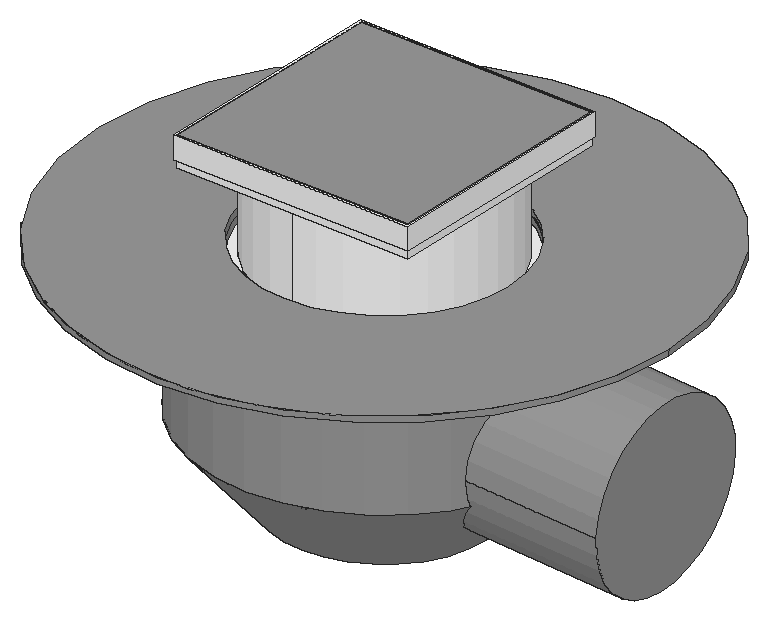
Revit family "HL_RU_Roof drain_HL64BF-B-221103", category Sanitärinstallationen, Revit 2020
Family settings
  Bemaßung runder Anschluss = Durchmesser verwenden
  Teiletyp = Normal
  OmniClass-Nummer = 23.70.50.21.24.14
  OmniClass-Titel = Deck Waste Water Drains
  Arbeitsebenenbasiert = Nein
  Immer vertikal = Ja
  Beim Laden mit Abzugskörper schneiden = Nein
  Gemeinsam genutzt = Nein
  Raumberechnungspunkt = Ja
Parameters (values of type "HL_Кровельная воронка_HL64BF_1")
  РЕШЁТКА = "Edelstahl 137x137mm"
  РАЗМЕР = "DN110"
  ПРОПУСКНАЯ СПОСОБНОСТЬ [instance] = 0.0 L/s
  ПРОИЗВОДИТЕЛЬНОСТЬ = "3,7 l/s"
  ПРАВОВАЯ ИНФОРМАЦИЯ = "Авторские права(©), права на дизайн или какие либо другие права интелектуальной собственности являются исключительной собственностью компании HL Hutterer & Lechner. Изменению не подлежит. Файл семейства с данными о прозводителе изделия защищен паролем с водяным знаком."
  НОМИНАЛЬНЫЙ ДИАМЕТР = 110 mm
  НАСАДКА = "19-65mm/148x148mm"
  МАТЕРИАЛ = "PP"
  МАКСИМАЛЬНАЯ НАГРУЗКА КЛАССА = "K - 300 kg"
  ВЕС = "1,08 [kg]"
  Vorgabe-Ansicht = 0 mm
  Hersteller = "HL Hutterer & Lechner GmbH"  # constant formula
  URL = "http://www.hutterer-lechner.com/ru/products/catalog/roof-drains/HL64BF/1.aspx"
  Материал плитка [instance] = none
  Lüftungsverbindung = no
  Abwasserrohrverbindung = yes
  HW-Verbindung = no
  KW-Verbindung = no
  Beschreibung = "Кровельные воронки"
  Model = "HL64BF_1"
  Assembly Code = " "
  Typenkommentare = "HL64BF/1 Кровельная воронка DN110 для эксплуатируемой кровли, горизонтальный выпуск, с ПП_фланцем.,"
  Keynote = "HL64BF_1"
  Bысота монтажа [instance] = 65 mm  # constant formula
  G [instance] = 90.00°  # constant formula
  EAN = "9003076031627"
  D [instance] = if(НОМИНАЛЬНЫЙ ДИАМЕТР = 75 mm, 162.8 mm, 178 mm)  # 178 mm
  C [instance] = if(Bысота монтажа - 68 mm < 0 mm, 0 mm, Bысота монтажа - 68 mm)  # 0 mm
  B [instance] = Bысота монтажа + if(НОМИНАЛЬНЫЙ ДИАМЕТР = 75 mm, 101 mm, 84 mm)  # 149 mm
  A [instance] = if(B - 100 mm > 15 mm, B - 100 mm, 15 mm)  # 49 mm
Types (3, lengths in mm): name | РАЗМЕР | НОМИНАЛЬНЫЙ ДИАМЕТР | ВЕС | URL | Model | Typenkommentare | Keynote | EAN | D | B | A
  (no name) | "DN110" | 110 | "1,08 [kg]" | "http://www.hutterer-lechner.com/ru/products/catalog/roof-drains/HL64BF/1.aspx" | "HL64BF_1" | "HL64BF/1 Кровельная воронка DN110 для эксплуатируемой кровли, горизонтальный выпуск, с ПП_фланцем.," | "HL64BF_1" | "9003076031627" | 178 | 149 | 49
  HL_Кровельная воронка_HL64BF_1 | "DN110" | 110 | "1,08 [kg]" | "http://www.hutterer-lechner.com/ru/products/catalog/roof-drains/HL64BF/1.aspx" | "HL64BF_1" | "HL64BF/1 Кровельная воронка DN110 для эксплуатируемой кровли, горизонтальный выпуск, с ПП_фланцем.," | "HL64BF_1" | "9003076031627" | 178 | 149 | 49
  HL_Кровельная воронка_HL64BF_7 | "DN75" | 75 | "1,04 [kg]" | "http://www.hutterer-lechner.com/ru/products/catalog/roof-drains/HL64BF/7.aspx" | "HL64BF_7" | "HL64BF/7 Кровельная воронка DN75 для эксплуатируемой кровли, горизонтальный выпуск, с ПП_фланцем.," | "HL64BF_7" | "9003076031603" | 162.8 | 166 | 66
Reference planes
  plane 1 "Center (Front/Back)": y = 0
  plane 2: z = 0
  plane 3 "Center (Left/Right)": x = 0
  plane 4: z = -149
  plane 5: z = -65
Lines and regions (mm)
  model lines, style "InvisibleLines"
    curve 1: line (0, 0, 0) -> (0, 0, 20)
  model lines, style "PlumbingFixtures", detail levels coarse+medium
    curve 2: line (0, 0, -149) -> (0, 0, -100)
    curve 3: line (0, 0, -100) -> (-100, 0, 0)
    curve 4: line (0, 0, -100) -> (100, 0, 0)
    curve 6: line (0, 0, -149) -> (178, 0, -149)
  reference lines, not visible
    curve 5: line (0, 0, -149) -> (178, 0, -149)
  symbolic lines, style "PlumbingFixtures", detail levels coarse+medium
    curve 7: line (-75, 75, 0) -> (75, 75, 0)
    curve 8: line (-75, -75, 0) -> (-75, 75, 0)
    curve 9: line (75, -75, 0) -> (-75, -75, 0)
    curve 10: line (75, 75, 0) -> (75, -75, 0)
    curve 11: line (-75, 75, 0) -> (-145.711, 145.711, 0)
    curve 12: line (75, 75, 0) -> (145.711, 145.711, 0)
    curve 13: line (-75, -75, 0) -> (-145.711, -145.711, 0)
    curve 14: line (75, -75, 0) -> (145.711, -145.711, 0)
  symbolic lines, style "PlumbingFixtures", not visible, detail levels coarse+medium
    curve 15: line (-75, 75, 0) -> (75, 75, 0)
    curve 16: line (-75, -75, 0) -> (-75, 75, 0)
    curve 17: line (75, -75, 0) -> (-75, -75, 0)
    curve 18: line (75, 75, 0) -> (75, -75, 0)
    curve 19: line (-75, 75, 0) -> (-145.711, 145.711, 0)
    curve 20: line (75, 75, 0) -> (145.711, 145.711, 0)
    curve 21: line (-75, -75, 0) -> (-145.711, -145.711, 0)
    curve 22: line (75, -75, 0) -> (145.711, -145.711, 0)
Text (mm)
  text "FLOOR" at (-162.344, 0, -10.979), in view "Drain Construction View"
Dimensions and locks
  "B": plane 2 to plane 4
  "Bысота монтажа": plane 2 to plane 5
  "A": curve 4 to plane 4
  "D": curve 5 to curve 5
  "D": curve 6 to curve 6
  locked: curve 4 to plane 3 "Center (Left/Right)" (angle 45.00°)
  locked: plane 3 "Center (Left/Right)" to curve 3 (angle 45.00°)
  "G": angle curve 5 to plane 3 "Center (Left/Right)"
  aligned and locked: level to plane 2
  aligned and locked: plane 2 to curve 4
  aligned and locked: plane 2 to curve 3
  aligned and locked: plane 4 to curve 5
  aligned and locked: plane 3 "Center (Left/Right)" to curve 5
  aligned and locked: plane 4 to curve 2
  aligned and locked: plane 3 "Center (Left/Right)" to curve 6
  aligned and locked: plane 4 to curve 6
  aligned and locked: plane 2 to nested 1
  aligned and locked: plane 3 "Center (Left/Right)" to nested 1
  aligned and locked: nested 2 to plane 5
Automatic sketch dimensions
  curve 2 to plane 3 "Center (Left/Right)" = 0 mm
  curve 1 to plane 3 "Center (Left/Right)" = 0 mm
  curve 1 to level = 0 mm
  level to curve 1 = 20 mm
Nested families
  nested 1: "HL_Насадка_HL66.9S" at (0, 0, 0), Bысота монтажа <- "Bысота монтажа", type "HL_Grate frame_HL66.9S"
    with L 93 mm, IHmin 12 mm, IHmax 65 mm, Bысота монтажа 65 mm
  nested 2: "HL_кровельные воронки - корпус_HL64F" at (0, 0, -65), НОМИНАЛЬНЫЙ ДИАМЕТР <- "НОМИНАЛЬНЫЙ ДИАМЕТР", type "HL_кровельные воронки - корпус_HL64F"
    with НОМИНАЛЬНЫЙ ДИАМЕТР 110 mm, L 178 mm, B 84 mm, A 75 mm
Connectors
  piping at (178, 0, -149), diameter 110, driven by "ПРОПУСКНАЯ СПОСОБНОСТЬ", driven by "НОМИНАЛЬНЫЙ ДИАМЕТР"
    settings: on curve 5, index 1, connector inside diameter 609.6 mm, connector length 0 mm, flow factor 0, pipe flow 0.0 L/s, pressure drop 0.0 Pa, fitting loss kfactor 0, connector angle 0.00°, fixture units 0, engagement length 0 mm, angle of deflection 0.00°, flow configuration 1, flow direction 2, fitting loss method 0, system type 16, joint type 0, gender type 0, connector reference index -1, connector utility 0, adjustable connector yes, is connector primary yes, connector description ""
Definition of nested family "HL_Насадка_HL66.9S"
  Parameters (values of type "HL_Grate frame_HL66.9S")
    РЕШЁТКА = "Edelstahl 138x138mm"
    РАЗМЕР = "d 145 mm"
    ПРАВОВАЯ ИНФОРМАЦИЯ = "Авторские права(©), права на дизайн или какие либо другие права интелектуальной собственности являются исключительной собственностью компании HL Hutterer & Lechner. Изменению не подлежит. Файл семейства с данными о прозводителе изделия защищен паролем с водяным знаком."
    НАСАДКА = "147x147mm"
    МАТЕРИАЛ = "PP"
    МАКСИМАЛЬНАЯ НАГРУЗКА КЛАССА = "K - 300 kg"
    ВЫСОТА МОНТАЖА = "12-65mm"
    Материал плитка = none
    ВЕС = "0,345 [kg]"
    Default Elevation = 0 mm
    L [instance] = if(Bысота монтажа < IHmin, -100 mm, if(Bысота монтажа > IHmax, -100 mm, Bысота монтажа + 28 mm))  # 93 mm
    Manufacturer = "HL Hutterer & Lechner GmbH"
    URL = "http://www.hutterer-lechner.com/ru/products/catalog/roof-drains/HL66.9.aspx"
    Description = "Кровельные воронки"
    Model = "HL66.9"
    Type Comments = "HL66.9, Насадка d 145мм с бороздками/147х147мм/138х138мм"
    Keynote = "HL66.9"
    Bысота монтажа [instance] = 65 mm
    IHmin [instance] = 12 mm
    IHmax [instance] = 65 mm
    EAN = "9003076014606"
    Cost = 0
  Reference planes
    plane 1 "Střed (vpředu/vzadu)": y = 0
    plane 2: z = 0
    plane 3 "Střed (vlevo/vpravo)": x = 0
  Forms (mm)
    Revolve 1, solid, detail levels fine
      sketch origin (0, 0, 128) x (0, 1, 0) y (0, 0, 1)
        loop
          line (72.5, -142) -> (69.248, -142) -> (69.248, -221) -> (72.5, -221) -> (72.5, -142)
        axis (0, -142) -> (0, -221)
      angle from 0 to 360
    Extrusion 2, solid, detail levels fine
      sketch origin (-1.537, 0, -14.6) x (0, 1, 0) y (-1, 0, 0)
        loop
          line (74, 72.459) -> (-74, 72.459) -> (-74, -75.537) -> (74, -75.537) -> (74, 72.459)
        loop
          line (73, 71.463) -> (-73, 71.463) -> (-73, -74.537) -> (73, -74.537) -> (73, 71.463)
      from 0.6 to 14.6
    Extrusion 3, solid, detail levels fine
      sketch origin (-1.537, 0, -14) x (-1, 0, 0) y (0, 1, 0)
        loop
          line (71.463, 73) -> (-74.537, 73) -> (-74.537, -73) -> (71.463, -73) -> (71.463, 73)
        loop
          circle (-1.537, 0) r 72.5
      from 0 to 5
    Extrusion 4, solid, detail levels fine
      sketch origin (-1.537, 0, -14) x (-1, 0, 0) y (0, -1, 0)
        loop
          line (70.95, -72.397) -> (70.95, 72.463) -> (-74.05, 72.463) -> (-74.05, -72.397) -> (70.95, -72.397)
      from 0 to 14
    Revolve 5, solid, detail levels fine
      sketch origin (0, 75.989, -93) x (0, -1, 0) y (0, 0, -1)
        loop
          line (3.489, -20) -> (3.489, 0) -> (0.186, 0) -> (-2.325, -2.511) -> (-2.325, -20) -> (3.489, -20)
        axis (75.989, -20) -> (75.989, 0)
      angle from 0 to 360
  Lines and regions (mm)
    model lines, detail levels fine
      curve 1: line (36.25, 24.325, 0) -> (36.25, -24.42, 0)
      curve 2: line (43.75, -24.42, 0) -> (43.75, 24.325, 0)
      curve 3: line (52.25, 40.306, 0) -> (52.25, -40.355, 0)
      curve 4: line (59.75, -40.355, 0) -> (59.75, 40.306, 0)
      curve 5: line (20.25, 8.588, 0) -> (20.25, -8.684, 0)
      curve 6: line (27.75, -8.684, 0) -> (27.75, 8.588, 0)
      curve 7: arc (27.75, 8.588, 0) -> (24, 12.338, 0) -> (20.25, 8.588, 0) r 3.75
      curve 8: arc (20.25, -8.684, 0) -> (24, -12.434, 0) -> (27.75, -8.684, 0) r 3.75
      curve 9: arc (36.25, -24.42, 0) -> (40, -28.17, 0) -> (43.75, -24.42, 0) r 3.75
      curve 10: arc (43.75, 24.325, 0) -> (40, 28.075, 0) -> (36.25, 24.325, 0) r 3.75
      curve 11: arc (59.75, 40.306, 0) -> (56, 44.056, 0) -> (52.25, 40.306, 0) r 3.75
      curve 12: arc (52.25, -40.355, 0) -> (56, -44.105, 0) -> (59.75, -40.355, 0) r 3.75
      curve 13: line (-24.325, -36.25, 0) -> (24.42, -36.25, 0)
      curve 14: line (24.42, -43.75, 0) -> (-24.325, -43.75, 0)
      curve 15: line (-40.306, -52.25, 0) -> (40.355, -52.25, 0)
      curve 16: line (40.355, -59.75, 0) -> (-40.306, -59.75, 0)
      curve 17: line (-8.588, -20.25, 0) -> (8.684, -20.25, 0)
      curve 18: line (8.684, -27.75, 0) -> (-8.588, -27.75, 0)
      curve 19: arc (-8.588, -27.75, 0) -> (-12.338, -24, 0) -> (-8.588, -20.25, 0) r 3.75
      curve 20: arc (8.684, -20.25, 0) -> (12.434, -24, 0) -> (8.684, -27.75, 0) r 3.75
      curve 21: arc (24.42, -36.25, 0) -> (28.17, -40, 0) -> (24.42, -43.75, 0) r 3.75
      curve 22: arc (-24.325, -43.75, 0) -> (-28.075, -40, 0) -> (-24.325, -36.25, 0) r 3.75
      curve 23: arc (-40.306, -59.75, 0) -> (-44.056, -56, 0) -> (-40.306, -52.25, 0) r 3.75
      curve 24: arc (40.355, -52.25, 0) -> (44.105, -56, 0) -> (40.355, -59.75, 0) r 3.75
      curve 25: line (36.25, -24.42, 0) -> (36.25, 24.325, 0)
      curve 26: line (43.75, 24.325, 0) -> (43.75, -24.42, 0)
      curve 27: line (52.25, -40.355, 0) -> (52.25, 40.306, 0)
      curve 28: line (59.75, 40.306, 0) -> (59.75, -40.355, 0)
      curve 29: line (20.25, -8.684, 0) -> (20.25, 8.588, 0)
      curve 30: line (27.75, 8.588, 0) -> (27.75, -8.684, 0)
      curve 31: arc (27.75, -8.588, 0) -> (24, -12.338, 0) -> (20.25, -8.588, 0) r 3.75
      curve 32: arc (20.25, 8.684, 0) -> (24, 12.434, 0) -> (27.75, 8.684, 0) r 3.75
      curve 33: arc (36.25, 24.42, 0) -> (40, 28.17, 0) -> (43.75, 24.42, 0) r 3.75
      curve 34: arc (43.75, -24.325, 0) -> (40, -28.075, 0) -> (36.25, -24.325, 0) r 3.75
      curve 35: arc (59.75, -40.306, 0) -> (56, -44.056, 0) -> (52.25, -40.306, 0) r 3.75
      curve 36: arc (52.25, 40.355, 0) -> (56, 44.105, 0) -> (59.75, 40.355, 0) r 3.75
      curve 37: line (24.42, -36.25, 0) -> (-24.325, -36.25, 0)
      curve 38: line (-24.325, -43.75, 0) -> (24.42, -43.75, 0)
      curve 39: line (40.355, -52.25, 0) -> (-40.306, -52.25, 0)
      curve 40: line (-40.306, -59.75, 0) -> (40.355, -59.75, 0)
      curve 41: line (8.684, -20.25, 0) -> (-8.588, -20.25, 0)
      curve 42: line (-8.588, -27.75, 0) -> (8.684, -27.75, 0)
      curve 43: arc (8.588, -27.75, 0) -> (12.338, -24, 0) -> (8.588, -20.25, 0) r 3.75
      curve 44: arc (-8.684, -20.25, 0) -> (-12.434, -24, 0) -> (-8.684, -27.75, 0) r 3.75
      curve 45: arc (-24.42, -36.25, 0) -> (-28.17, -40, 0) -> (-24.42, -43.75, 0) r 3.75
      curve 46: arc (24.325, -43.75, 0) -> (28.075, -40, 0) -> (24.325, -36.25, 0) r 3.75
      curve 47: arc (40.306, -59.75, 0) -> (44.056, -56, 0) -> (40.306, -52.25, 0) r 3.75
      curve 48: arc (-40.355, -52.25, 0) -> (-44.105, -56, 0) -> (-40.355, -59.75, 0) r 3.75
      curve 49: line (-36.25, 24.325, 0) -> (-36.25, -24.325, 0)
      curve 50: line (-43.75, -24.325, 0) -> (-43.75, 24.325, 0)
      curve 51: line (-52.25, 40.306, 0) -> (-52.25, -40.306, 0)
      curve 52: line (-59.75, -40.306, 0) -> (-59.75, 40.306, 0)
      curve 53: line (-20.25, 8.588, 0) -> (-20.25, -8.588, 0)
      curve 54: line (-27.75, -8.684, 0) -> (-27.75, 8.588, 0)
      curve 55: arc (-27.75, 8.588, 0) -> (-24, 12.338, 0) -> (-20.25, 8.588, 0) r 3.75
      curve 56: arc (-20.25, -8.684, 0) -> (-24, -12.434, 0) -> (-27.75, -8.684, 0) r 3.75
      curve 57: arc (-43.75, 24.325, 0) -> (-40, 28.075, 0) -> (-36.25, 24.325, 0) r 3.75
      curve 58: arc (-59.75, 40.306, 0) -> (-56, 44.056, 0) -> (-52.25, 40.306, 0) r 3.75
      curve 59: line (-36.25, -24.325, 0) -> (-36.25, 24.325, 0)
      curve 60: line (-43.75, 24.325, 0) -> (-43.75, -24.325, 0)
      curve 61: line (-52.25, -40.306, 0) -> (-52.25, 40.306, 0)
      curve 62: line (-59.75, 40.306, 0) -> (-59.75, -40.306, 0)
      curve 63: line (-20.25, -8.588, 0) -> (-20.25, 8.588, 0)
      curve 64: line (-27.75, 8.588, 0) -> (-27.75, -8.684, 0)
      curve 65: arc (-27.75, -8.588, 0) -> (-24, -12.338, 0) -> (-20.25, -8.588, 0) r 3.75
      curve 66: arc (-20.25, 8.684, 0) -> (-24, 12.434, 0) -> (-27.75, 8.684, 0) r 3.75
      curve 67: arc (-36.25, 24.42, 0) -> (-40, 28.17, 0) -> (-43.75, 24.42, 0) r 3.75
      curve 68: arc (-43.75, -24.325, 0) -> (-40, -28.075, 0) -> (-36.25, -24.325, 0) r 3.75
      curve 69: arc (-59.75, -40.306, 0) -> (-56, -44.056, 0) -> (-52.25, -40.306, 0) r 3.75
      curve 70: arc (-52.25, 40.355, 0) -> (-56, 44.105, 0) -> (-59.75, 40.355, 0) r 3.75
      curve 71: line (-24.42, 36.25, 0) -> (24.325, 36.25, 0)
      curve 72: line (24.42, 43.75, 0) -> (-24.42, 43.75, 0)
      curve 73: line (-40.355, 52.25, 0) -> (40.306, 52.25, 0)
      curve 74: line (40.306, 59.75, 0) -> (-40.355, 59.75, 0)
      curve 75: line (-8.588, 20.25, 0) -> (8.588, 20.25, 0)
      curve 76: line (8.684, 27.75, 0) -> (-8.588, 27.75, 0)
      curve 77: arc (-8.588, 27.75, 0) -> (-12.338, 24, 0) -> (-8.588, 20.25, 0) r 3.75
      curve 78: arc (8.684, 20.25, 0) -> (12.434, 24, 0) -> (8.684, 27.75, 0) r 3.75
      curve 79: arc (24.42, 36.25, 0) -> (28.17, 40, 0) -> (24.42, 43.75, 0) r 3.75
      curve 80: line (24.325, 36.25, 0) -> (-24.42, 36.25, 0)
      curve 81: line (-24.42, 43.75, 0) -> (24.42, 43.75, 0)
      curve 82: line (40.306, 52.25, 0) -> (-40.355, 52.25, 0)
      curve 83: line (-40.355, 59.75, 0) -> (40.306, 59.75, 0)
      curve 84: line (8.588, 20.25, 0) -> (-8.588, 20.25, 0)
      curve 85: line (-8.588, 27.75, 0) -> (8.684, 27.75, 0)
      curve 86: arc (8.588, 27.75, 0) -> (12.338, 24, 0) -> (8.588, 20.25, 0) r 3.75
      curve 87: arc (-8.684, 20.25, 0) -> (-12.434, 24, 0) -> (-8.684, 27.75, 0) r 3.75
      curve 88: arc (-24.42, 36.25, 0) -> (-28.17, 40, 0) -> (-24.42, 43.75, 0) r 3.75
      curve 89: arc (24.325, 43.75, 0) -> (28.075, 40, 0) -> (24.325, 36.25, 0) r 3.75
      curve 90: arc (40.306, 59.75, 0) -> (44.056, 56, 0) -> (40.306, 52.25, 0) r 3.75
      curve 91: arc (-40.355, 52.25, 0) -> (-44.105, 56, 0) -> (-40.355, 59.75, 0) r 3.75
    reference lines
      curve 92: line (0, 75.989, -93) -> (0, -174.011, -93)
  Dimensions and locks
    Extrusion 2 sketch curve to Extrusion 2 sketch curve = 147.996 mm
    Extrusion 2 sketch curve to Extrusion 2 sketch curve = 148 mm
    "L": curve 92 to plane 2
    aligned and locked: level to plane 2
    aligned and locked: Revolve 1 to curve 92
  Automatic sketch dimensions
    plane 1 "Střed (vpředu/vzadu)" to Extrusion 2 sketch curve = 74 mm
    Extrusion 2 sketch curve to Extrusion 2 sketch curve = 1 mm  (x3)
    plane 3 "Střed (vlevo/vpravo)" to Extrusion 2 sketch curve = 74 mm
    Extrusion 2 sketch curve to Extrusion 2 sketch curve = 0.996 mm
    Extrusion 3 sketch curve to Extrusion 2 = 0 mm  (x4)
    Extrusion 3 sketch curve to Extrusion 2 = 73 mm  (x2)
    Extrusion 2 to curve 16 = 13.25 mm
    curve 24 to curve 47 = 3.75 mm
    curve 47 to curve 24 = 0 mm
    curve 48 to curve 23 = 0 mm  (x2)
    curve 23 to curve 38 = 8.5 mm
    curve 24 to curve 12 = 11.895 mm
    curve 12 to curve 35 = 0.048 mm
    curve 15 to curve 69 = 11.944 mm
    curve 22 to curve 45 = 3.75 mm
    curve 21 to curve 46 = 3.75 mm
    curve 46 to curve 21 = 0 mm
    curve 22 to curve 18 = 8.5 mm
    curve 21 to curve 9 = 11.83 mm
    curve 13 to curve 49 = 11.925 mm
    curve 9 to curve 34 = 0.095 mm
    curve 18 to curve 19 = 3.75 mm
    curve 44 to curve 19 = 0 mm  (x2)
    curve 43 to curve 20 = 0 mm
    curve 20 to curve 5 = 11.566 mm
    curve 49 to curve 64 = 15.642 mm
    curve 8 to curve 31 = 0.095 mm
    curve 56 to curve 53 = 0.095 mm
    curve 65 to curve 64 = 17.177 mm
    curve 31 to curve 29 = 17.177 mm
    curve 7 to curve 32 = 0.095 mm
    curve 55 to curve 66 = 0.095 mm
    curve 32 to curve 84 = 11.566 mm
    curve 86 to curve 78 = 3.75 mm
    curve 86 to curve 78 = 0 mm
    curve 77 to curve 87 = 3.75 mm
    curve 87 to curve 77 = 0 mm  (x2)
    curve 66 to curve 60 = 15.642 mm
    curve 32 to curve 26 = 15.642 mm
    curve 10 to curve 33 = 0.095 mm
    curve 57 to curve 67 = 0.095 mm
    curve 33 to curve 71 = 11.83 mm
    curve 89 to curve 89 = 3.75 mm
    curve 88 to curve 88 = 3.75 mm
    curve 89 to curve 79 = 0 mm
    curve 33 to curve 11 = 15.886 mm
    curve 67 to curve 51 = 15.886 mm
    curve 58 to curve 70 = 0.048 mm
    curve 11 to curve 36 = 0.048 mm
    curve 70 to curve 73 = 11.895 mm
    curve 90 to curve 90 = 3.75 mm
    Extrusion 2 to curve 28 = 13.25 mm
    curve 4 to curve 11 = 3.75 mm
    curve 35 to curve 12 = 0 mm
    curve 36 to curve 11 = 0 mm
    curve 3 to curve 2 = 8.5 mm
    curve 3 to curve 39 = 11.895 mm
    curve 11 to curve 83 = 11.944 mm
    curve 24 to curve 47 = 0.048 mm
    curve 26 to curve 9 = 3.75 mm
    curve 33 to curve 10 = 0 mm
    curve 34 to curve 9 = 0 mm
    curve 34 to curve 30 = 8.5 mm
    curve 90 to curve 72 = 15.886 mm
    curve 1 to curve 21 = 11.83 mm
    curve 79 to curve 80 = 0.095 mm
    curve 21 to curve 46 = 0.095 mm
    curve 6 to curve 32 = 3.75 mm
    curve 6 to curve 8 = 3.75 mm
    curve 31 to curve 8 = 0 mm
    curve 29 to curve 17 = 11.566 mm
    curve 7 to curve 78 = 11.566 mm
    curve 78 to curve 86 = 0.095 mm
    curve 20 to curve 43 = 0.095 mm
    curve 43 to curve 41 = 17.177 mm
    curve 86 to curve 77 = 17.177 mm
    curve 19 to curve 44 = 0.095 mm
    curve 77 to curve 87 = 0.095 mm
    curve 87 to curve 53 = 11.566 mm
    curve 53 to curve 66 = 3.75 mm
    curve 55 to curve 66 = 0 mm
    curve 56 to curve 54 = 3.75 mm
    curve 65 to curve 56 = 0 mm
    curve 44 to curve 14 = 15.642 mm
    curve 22 to curve 45 = 0.095 mm
    curve 87 to curve 72 = 15.736 mm
    curve 45 to curve 59 = 11.83 mm
    curve 57 to curve 67 = 3.75 mm
    curve 68 to curve 68 = 3.75 mm
    curve 45 to curve 15 = 15.886 mm
    curve 23 to curve 48 = 0.048 mm
    curve 72 to curve 74 = 15.935 mm
    curve 91 to curve 51 = 11.895 mm
    curve 51 to curve 70 = 3.75 mm
    curve 51 to curve 69 = 3.75 mm
    curve 45 to curve 22 = 0 mm
    curve 36 to curve 28 = 0 mm
    curve 33 to curve 2 = 0 mm
    curve 32 to curve 30 = 0 mm
    curve 66 to curve 55 = 0 mm
    curve 67 to curve 57 = 0 mm
    curve 70 to curve 51 = 0 mm
    Extrusion 4 sketch curve to Extrusion 3 = 0.487 mm
    Extrusion 4 sketch curve to Extrusion 3 = 0.513 mm
    Extrusion 4 sketch curve to Extrusion 3 = 0.603 mm
    Extrusion 4 sketch curve to Extrusion 3 = 0.537 mm
    Revolve 1 sketch curve to plane 1 "Střed (vpředu/vzadu)" = 0 mm
    Revolve 1 sketch curve to level = 14 mm
    Revolve 1 sketch curve to plane 1 "Střed (vpředu/vzadu)" = 69.248 mm
    Revolve 1 sketch curve to Revolve 1 sketch curve = 3.252 mm
    Revolve 1 sketch curve to Revolve 1 sketch curve = 79 mm
    Revolve 1 sketch curve to Revolve 1 sketch curve = 17.5 mm
    level to Revolve 1 sketch curve = 144.5 mm
    Revolve 5 sketch curve to curve 92 = 0 mm
    Revolve 5 sketch curve to curve 92 = 2.325 mm
    curve 92 to Revolve 5 sketch curve = 0.186 mm
    curve 92 to Revolve 5 sketch curve = 3.489 mm
    Revolve 5 sketch curve to curve 92 = 2.511 mm
    Revolve 5 sketch curve to curve 92 = 20 mm
    curve 92 to Revolve 5 sketch curve = 75.989 mm
    Revolve 5 sketch curve to curve 92 = 393 mm
    curve 92 to Revolve 5 sketch curve = 207 mm
    plane 1 "Střed (vpředu/vzadu)" to curve 92 = 174.011 mm
    curve 92 to plane 1 "Střed (vpředu/vzadu)" = 75.989 mm
    radius of Extrusion 3 sketch curve = 72.5 mm
Definition of nested family "HL_кровельные воронки - корпус_HL64F"
  Parameters (values of type "HL_кровельные воронки - корпус_HL64F")
    НОМИНАЛЬНЫЙ ДИАМЕТР [instance] = 110 mm
    Default Elevation = 0 mm
    Manufacturer = ""
    URL = ""
    Description = ""
    Model = ""
    L [instance] = if(НОМИНАЛЬНЫЙ ДИАМЕТР = 75 mm, 164 mm, 178 mm)  # 178 mm
    Type Comments = ""
    Cost = 0
    B [instance] = if(НОМИНАЛЬНЫЙ ДИАМЕТР = 75 mm, 101.3 mm, 84 mm)  # 84 mm
    A [instance] = if(НОМИНАЛЬНЫЙ ДИАМЕТР = 75 mm, 92.3 mm, 75 mm)  # 75 mm
  Reference planes
    plane 1 "Střed (vpředu/vzadu)": y = 0
    plane 2: z = 0
    plane 3 "Střed (vlevo/vpravo)": x = 0
  Forms (mm)
    Extrusion 1, solid, detail levels fine
      sketch origin (-0.006, -0.073, 0) x (1, 0, 0) y (0, 1, 0)
        loop
          circle (0, 0) r 180
        loop
          circle (0, 0) r 78.913
      from 0 to -3.5
    Extrusion 2, solid, detail levels fine
      sketch origin (-0.006, -0.073, -3.5) x (0, 1, 0) y (1, 0, 0)
        loop
          circle (0, 0) r 140
      from 0 to 18
    Extrusion 3, solid, detail levels fine
      sketch origin (-0.006, -0.073, -21.5) x (-1, 0, 0) y (0, 1, 0)
        loop
          circle (0, 0) r 110
      from 0 to 73.906
    Blend 4, solid, detail levels fine
      base sketch origin (-0.006, -0.073, -95.406) x (0, -1, 0) y (1, 0, 0)
        loop
          circle (0, 0) r 110
      top sketch origin (-0.006, -0.073, -95.406) x (0, -1, 0) y (1, 0, 0)
        loop
          circle (0, 0) r 65
      from 0 to -53
    Revolve 5, void
      sketch origin (-0.006, -0.073, 0) x (1, 0, 0) y (0, 0, 1)
        loop
          line (-78.913, 0) -> (-78.913, -16.281) -> (-74.694, -23.588) -> (-74.694, -24.914) -> (-75.511, -24.914) -> (-75.511, -30.304) -> (-64.679, -30.304) -> (-64.679, -32.804) -> (0, -32.804) -> (0, 0) -> (-78.913, 0)
        axis (0, 0) -> (0, -32.804)
      angle from 0 to 360
    Extrusion 6, solid, detail levels fine
      sketch origin (179.329, 0, -54.515) x (0, -1, 0) y (-0.050544, 0, -0.998722)
        loop
          circle (0, 29.523) r 55
      from -0.064 to -99.364
  Cuts and joins
    Revolve 5 cuts Extrusion 1
    Revolve 5 cuts Extrusion 2
    Revolve 5 cuts Extrusion 3
  Lines and regions (mm)
    reference lines
      curve 1: line (0, 0, -75) -> (177.837, 0, -84)
  Dimensions and locks
    "B": plane 2 to curve 1
    "A": plane 2 to curve 1
    "L": Extrusion 6 to curve 1
    "НОМИНАЛЬНЫЙ ДИАМЕТР": diameter of Extrusion 6 sketch curve
    aligned and locked: level to plane 2
    aligned and locked: plane 3 "Střed (vlevo/vpravo)" to curve 1
  Automatic sketch dimensions
    Extrusion 1 sketch curve to Extrusion 1 sketch curve = 0 mm  (x2)
    Extrusion 1 sketch curve to plane 3 "Střed (vlevo/vpravo)" = 0.006 mm
    plane 1 "Střed (vpředu/vzadu)" to Extrusion 1 sketch curve = 0.073 mm
    Revolve 5 sketch curve to level = 0 mm
    Revolve 5 sketch curve to plane 3 "Střed (vlevo/vpravo)" = 78.919 mm
    Revolve 5 sketch curve to Revolve 5 sketch curve = 3.401 mm
    Revolve 5 sketch curve to Revolve 5 sketch curve = 0.817 mm
    Revolve 5 sketch curve to Revolve 5 sketch curve = 10.833 mm
    Revolve 5 sketch curve to plane 3 "Střed (vlevo/vpravo)" = 0.006 mm  (x2)
    Revolve 5 sketch curve to level = 16.281 mm
    Revolve 5 sketch curve to Revolve 5 sketch curve = 7.307 mm
    Revolve 5 sketch curve to Revolve 5 sketch curve = 1.326 mm
    Revolve 5 sketch curve to Revolve 5 sketch curve = 5.39 mm
    Revolve 5 sketch curve to level = 32.804 mm
    level to Revolve 5 sketch curve = 25 mm
    Revolve 5 sketch curve to Revolve 5 sketch curve = 50 mm
    plane 3 "Střed (vlevo/vpravo)" to curve 1 = 177.837 mm
    Extrusion 6 sketch curve to plane 1 "Střed (vpředu/vzadu)" = 0 mm
    radius of Extrusion 1 sketch curve = 180 mm
    radius of Extrusion 1 sketch curve = 78.913 mm
    radius of Extrusion 2 sketch curve to Extrusion 1 = 40 mm
    radius of Extrusion 3 sketch curve to Extrusion 2 = 30 mm
    radius of Blend 4 sketch curve to Extrusion 3 = 0 mm
    radius of Blend 4 sketch curve to Extrusion 3 = 45 mm
